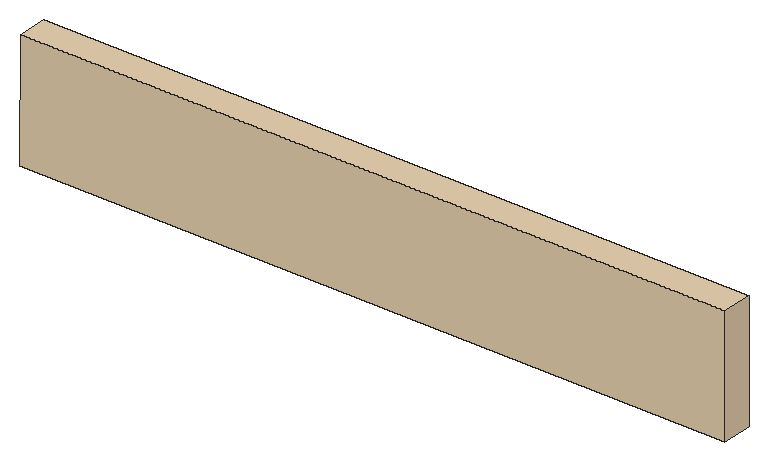
Revit family "Accessories-Teknion-RHABSC_Sidesplash-R2018", category Furniture, Revit 2018
Family settings
  OmniClass Number = 23.40.20.00
  OmniClass Title = General Furniture and Specialties
  Work Plane-Based = No
  Always vertical = Yes
  Cut with Voids When Loaded = No
  Shared = Yes
  Room Calculation Point = No
Parameters (values of type "Standard Option, 33" Datum Height")
  Width [instance] = 25.000"
  Water Resistant = no
  Warranty = "http://www.teknion.com/ca/papers/legal-canada"
  Unit Weight URL = "http://www.teknion.com/ca/tools/assets#&asset=bee6a381-b954-425e-8283-5a2de3a804f2,f828d448-4b62-4231-9e5f-9a8991c0ed77"
  URL = "www.teknion.com"
  To render please download texture images found here = "https://assets.teknion.com/web/5e81352c1dfdb467/revit-material-swatches/"
  Sustainability Data = "https://www.teknion.com/ca/tools/assets#&topic=216f99a5-57a0-44fc-b10a-9dee9b29ae4c&asset=444deb64-fe58-4b68-981e-f75e97781df7,b4ff2d81-9f2e-437d-9659-7cffb09c31cf"
  Sidesplash Finish = Foundation Laminate - Teknion - HX - Costal Elm
  Series = "Modular Cabinets"  # constant formula
  Product Page URL = "https://www.teknion.com/ca/products/product-details?productLineId=217e336e-8e7a-673b-a6c8-ff00004460c4"
  Product Line = "Modular Cabinets"  # constant formula
  Product Documentation Link = "https://www.teknion.com/pricing/modular-cabinets/pdfs/RHABSC_ppg.pdf"
  Part Number = "RHABSC"  # constant formula
  Model = "RHABSCS__04"
  Manufacturer Phone = "416-661-3370"  # constant formula
  Manufacturer Fax = "416.661.4586"  # constant formula
  Manufacturer Contact Information = "http://www.teknion.com/ca/contactus"
  Manufacturer Address = "1150 Flint Road, Toronto, ON. M3J 2J5. Canada"  # constant formula
  Manufacturer = "Teknion"  # constant formula
  How To Use Teknion Materials User Guide = "https://assets.teknion.com/m/205dd0a49fa58060/original/How-to-add-a-Material-Library-and-Texture-Images-to-your-Revit-project.pdf"
  Height = 33.000"
  For Additional Finishes please visit = "https://assets.teknion.com/m/44a8009b046e5d47/original/Teknion_Materials_Library.zip"
  Description = "Sidesplash, Standard Option, 4\" Height"
  Backsplash Material Note = if(Water Resistant, "Select a Foundation Laminate material for Sidesplash Finish", "Select a Foundation Laminate or Flintwood material for Sidesplash Finish")  # "Select a Foundation Laminate or Flintwood material for Sidesplash Finish"
  Available Widths [instance] = "25\" or 30\""  # constant formula
  Assembly Code = "E2020200"
  Actual Width [instance] = Width - 1.000"  # 24.000"
Types (5): name | Water Resistant | Model | Height | Description | Backsplash Material Note
  (no name) | no | "RHABSCS__04" | 33.000" | "Sidesplash, Standard Option, 4\" Height" | "Select a Foundation Laminate or Flintwood material for Sidesplash Finish"
  Standard Option, 35" Datum Height | no | "RHABSCS__04" | 35.000" | "Sidesplash, Standard Option, 4\" Height" | "Select a Foundation Laminate or Flintwood material for Sidesplash Finish"
  Water Resistant Option, 35" Datum height | yes | "RHABSCW__04" | 35.000" | "Sidesplash, Water Resistant Option, 4\" Height" | "Select a Foundation Laminate material for Sidesplash Finish"
  Standard Option, 33" Datum Height | no | "RHABSCS__04" | 33.000" | "Sidesplash, Standard Option, 4\" Height" | "Select a Foundation Laminate or Flintwood material for Sidesplash Finish"
  Water Resistant Option, 33" Datum Height | yes | "RHABSCW__04" | 33.000" | "Sidesplash, Water Resistant Option, 4\" Height" | "Select a Foundation Laminate material for Sidesplash Finish"
Reference planes (in)
  plane 1 "Center Front/Back": y = 14.5
  plane 2: z = 0
  plane 3 "Center Left/Right": x = 0
  plane 4 "Left": x = -12
  plane 5 "Right": x = 12
  plane 6 "Back": y = 15
  plane 7 "Front": y = 14
  plane 8 "Top": z = 33
Forms (in)
  Sweep 1, solid, material "Foundation Laminate - Teknion - HX - Costal Elm" <- "Sidesplash Finish"
    path origin (0, 14.5, 0) x (1, 0, 0) y (0, 0, 1)
      loop
        line (0, 34.18898) -> (0, 38.18898)
    profile origin (0, 14.5, 36.18898) x (-1, 0, 0) y (0, -1, 0)
      loop
        line (-12, -0.5) -> (12, -0.5) -> (12, 0.5) -> (-12, 0.5) -> (-12, -0.5)
Lines and regions (in)
  Masking region 1
    outline origin (0, 0, 0) x (1, 0, 0) y (0, 1, 0)
      loop
        line (-12, 15) -> (-12, 14) -> (12, 14) -> (12, 15) -> (-12, 15)
  reference lines
    curve 1: line (-12, 15, 0) -> (12, 15, 0)
    curve 2: line (-12, 15, 0) -> (-12, 14, 0)
    curve 3: line (-12, 14, 0) -> (12, 14, 0)
    curve 4: line (12, 15.24023, 0) -> (12, 14, 0)
Dimensions and locks (in)
  "Actual Width": plane 4 "Left" to plane 5 "Right"
  locked: plane 6 "Back" to plane 7 "Front" at 1
  "Height": plane 8 "Top" to level
  equal spacing: plane 4 "Left", plane 3 "Center Left/Right", plane 5 "Right"
  equal spacing: plane 6 "Back", plane 1 "Center Front/Back", plane 7 "Front"
  Sweep 1 sketch curve to Sweep 1 sketch curve to plane 8 "Top" = 4.000" locked, 1.18898" locked
  aligned and locked: level to plane 2
  aligned and locked: curve 1 to plane 6 "Back"
  aligned and locked: curve 2 to plane 4 "Left"
  aligned and locked: plane 7 "Front" to curve 3
  aligned and locked: curve 4 to plane 5 "Right"
  aligned and locked: plane 3 "Center Left/Right" to Sweep 1 sketch curve
  aligned and locked: plane 5 "Right" to Sweep 1 sketch curve
  aligned and locked: Sweep 1 sketch curve to plane 6 "Back"
  aligned and locked: plane 7 "Front" to Sweep 1 sketch curve
  aligned and locked: Sweep 1 sketch curve to plane 4 "Left"
  aligned and locked: Masking region 1 sketch curve to plane 6 "Back"
  aligned and locked: Masking region 1 sketch curve to plane 4 "Left"
  aligned and locked: plane 7 "Front" to Masking region 1 sketch curve
  aligned and locked: plane 5 "Right" to Masking region 1 sketch curve
Automatic sketch dimensions
  plane 6 "Back" to curve 4 = 0.24023"
